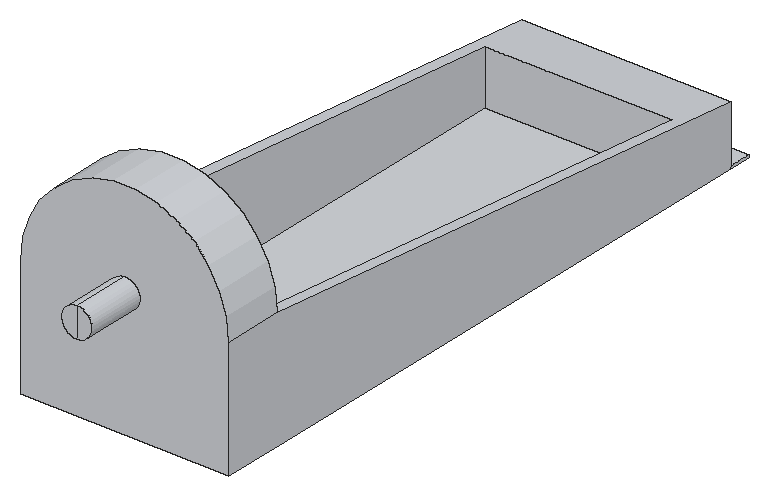
Revit family "Urinal-Willoughby-UF-1438-TS", category Plumbing Fixtures, Revit 2015
Parameters (values of type "Standard")
  Waste DIA = 2"
  Waste Connection = yes
  Vent Connection = no
  URL = "https://www.willoughby-ind.com/wp-content/uploads/2018/01/UF-1438.pdf"
  Revision = "A"
  Model = "UF-1438-BS"
  Manufacturer = "Willoughby Industries"
  HW Connection = no
  Fixture Body = Stainless Steel AISI 304-Willoughby
  F Valve Inlet DIA = 3/4"
  Description = "Stall Urinal, Top Spud"
  Default Elevation = 0' - 0"
  Contact = "(800) 428-4065"
  CW Connection = yes
Reference planes (in)
  plane 1 "Center (Front/Back) floor Level": y = 0
  plane 2: z = 0
  plane 3 "Center (Left/Right)": x = 0
  plane 4: x = -7
  plane 5: x = 7
  plane 6 "Bottom Of Unit": y = -4
  plane 7: y = 38
  plane 8: y = 39.5
  plane 9: z = -4
  plane 10 "Side Base": z = 8
  plane 11 "Front Of Unit": z = 15
  plane 12 "Flush Inlet": y = 35.5
  plane 13: z = 8.5
  plane 14: z = 2.25
Forms (in)
  Extrusion 1, solid
    sketch origin (0, 0, 0) x (0, 1, 0) y (0, 0, 1)
      loop
        line (0, 0) -> (38, 0) -> (38, 4) -> (0, 8) -> (-4, 8) -> (-4, 0) -> (0, 0)
    from -7 to 7
  Extrusion 2, void
    sketch origin (0, 0, 0) x (1, 0, 0) y (0, 1, 0)
      loop
        line (-6.25, 0) -> (-6.25, -3.25) -> (6.25, -3.25) -> (6.25, 0) -> (6.25, 34) -> (-6.25, 34) -> (-6.25, 0)
    from 0.75 to 8
  Extrusion 3, solid
    sketch origin (0, 0, 0) x (1, 0, 0) y (0, 0, 1)
      loop
        arc (7, 8) -> (0, 15) -> (-7, 8) r 7
        line (-7, 8) -> (7, 8)
    from 0 to 4
  Extrusion 4, void
    sketch origin (0, 0, 0) x (1, 0, 0) y (0, 0, 1)
      loop
        arc (6.25, 8) -> (0, 14.25) -> (-6.25, 8) r 6.25
        line (-6.25, 8) -> (6.25, 8)
    from 0 to 3.25
  Extrusion 5, solid
    sketch origin (0, 0, 0) x (0, 1, 0) y (0, 0, 1)
      loop
        line (38, 0) -> (39.5, 0) -> (39.5, 0.1875) -> (38, 0.1875) -> (38, 0)
    from -7 to 7
  Revolve 6, solid
    sketch origin (0, 0, 0) x (0, 1, 0) y (0, 0, 1)
      loop
        line (-3.2462, 8.5) -> (-3.2462, 9.5) -> (-8, 9.5) -> (-8, 8.5) -> (-3.2462, 8.5)
      axis (-3.2462, 8.5) -> (-8, 8.5)
    angle from 0 to 360
  Revolve 7, solid, material "Stainless Steel AISI 304-Willoughby" <- "Fixture Body"
    sketch origin (0, 0, 0) x (0, 1, 0) y (0, 0, 1)
      loop
        line (38, 2.25) -> (39, 2.25) -> (39, 2.625) -> (38, 2.625) -> (38, 2.25)
      axis (39, 2.25) -> (38, 2.25)
    angle from 0 to 360
Cuts and joins
  Extrusion 2, Extrusion 4 cuts Extrusion 1
  Extrusion 4 cuts Extrusion 3
  joined: Extrusion 1, Extrusion 3
Lines and regions (in)
  symbolic lines
    curve 1: line (-7, -4, 0) -> (-7, 38, 0)
    curve 2: line (-7, 38, 0) -> (7, 38, 0)
    curve 3: line (7, 38, 0) -> (7, -4, 0)
    curve 4: line (7, -4, 0) -> (-7, -4, 0)
    curve 12: line (-7, 35.5, 0) -> (7, 35.5, 0)
    curve 13: line (7, 35.5, 0) -> (7, 35.5, 8)
    curve 14: arc (7, 35.5, 8) -> (0, 35.5, 15) -> (-7, 35.5, 8) r 7
    curve 15: line (-7, 35.5, 8) -> (-7, 35.5, 0)
    curve 21: line (0, -4, 0) -> (0, 38, 0)
    curve 22: line (0, 38, 0) -> (0, 38, 4)
    curve 23: line (0, 38, 4) -> (0, 0, 8)
    curve 24: line (0, 0, 8) -> (0, 0, 15)
    curve 25: line (0, 0, 15) -> (0, -4, 15)
    curve 26: line (0, -4, 15) -> (0, -4, 0)
    curve 27: line (0, -4, 0) -> (0, 38, 0)
    curve 28: line (0, 38, 0) -> (0, 39.5, 0)
    curve 29: line (0, 39.5, 0) -> (0, 39.5, 0.1875)
    curve 30: line (0, 39.5, 0.1875) -> (0, 38, 0.1875)
  symbolic lines, detail levels medium+fine
    curve 5: line (-7, 38, 0) -> (-7, 39.5, 0)
    curve 6: line (-7, 39.5, 0) -> (7, 39.5, 0)
    curve 7: line (7, 39.5, 0) -> (7, 38, 0)
    curve 9: line (7, 0, 0) -> (-7, 0, 0)
    curve 16: line (-7, 35.5, 0.1875) -> (7, 35.5, 0.1875)
    curve 17: line (7, 35.5, 4) -> (-7, 35.5, 4)
  symbolic lines, detail levels fine
    curve 8: line (6.25, 34, 0) -> (6.25, 0, 0)
    curve 10: line (-6.25, 0, 0) -> (-6.25, 34, 0)
    curve 11: line (-6.25, 34, 0) -> (6.25, 34, 0)
    curve 18: line (6.25, 35.5, 4) -> (6.25, 35.5, 8)
    curve 19: line (-6.25, 35.5, 4) -> (-6.25, 35.5, 8)
    curve 20: arc (-6.25, 35.5, 8) -> (0, 35.5, 14.25) -> (6.25, 35.5, 8) r 6.25
Dimensions and locks (in)
  plane 11 "Front Of Unit" to plane 13 = 0' - 6 1/2"
  plane 14 to level = 0' - 2 1/4"
  aligned and locked: Extrusion 1 to plane 5
  aligned and locked: plane 4 to Extrusion 1
  aligned and locked: Extrusion 1 to plane 6 "Bottom Of Unit"
  aligned and locked: plane 7 to Extrusion 1
  aligned and locked: Extrusion 3 sketch curve to cut or joined group of Extrusion 1, Extrusion 2, Extrusion 3, Extrusion 4
  aligned and locked: Extrusion 3 to plane 10 "Side Base"
  aligned and locked: Extrusion 4 sketch curve to cut or joined group of Extrusion 1, Extrusion 2, Extrusion 3, Extrusion 4
  aligned and locked: Extrusion 5 to level
  aligned and locked: plane 8 to Extrusion 5
  aligned and locked: Extrusion 1 to Extrusion 5
  aligned and locked: Extrusion 1 to level  (x2)
  aligned and locked: Extrusion 1 to Extrusion 3
  aligned and locked: Extrusion 3 to plane 1 "Center (Front/Back) floor Level"
  aligned and locked: Revolve 6 sketch curve to Revolve 6 sketch curve  (x2)
  aligned and locked: curve 15 to cut or joined group of Extrusion 1, Extrusion 2, Extrusion 3, Extrusion 4
  aligned and locked: Revolve 7 sketch curve to Revolve 7 sketch curve  (x2)
Connectors (in)
  piping at (0, -8, 8.5), diameter 2, driven by "Waste DIA", driven by "Waste Connection"
    settings: on Revolve 6, index 2, connector inside diameter 24", connector length 0' - 0", flow factor 0, pipe flow 0 GPM, pressure drop 0.00 psi, fitting loss kfactor 0, connector angle 0.00°, fixture units 0, engagement length 0' - 0", angle of deflection 0.00°, flow configuration 0, flow direction 2, fitting loss method 0, system type 16, joint type 0, gender type 0, connector reference index -1, connector utility 1, adjustable connector no, is connector primary yes, connector description "Urinal Waste"
  piping at (0, 39, 2.25), diameter 0.75, driven by "F Valve Inlet DIA", driven by "CW Connection"
    settings: on Revolve 7, index 3, connector inside diameter 24", connector length 0' - 0", flow factor 0, pipe flow 1 GPM, pressure drop 0.00 psi, fitting loss kfactor 0, connector angle 0.00°, fixture units 0, engagement length 0' - 0", angle of deflection 0.00°, flow configuration 0, flow direction 1, fitting loss method 0, system type 20, joint type 0, gender type 0, connector reference index -1, connector utility 1, adjustable connector no, is connector primary no, connector description "Flush Inlet"
